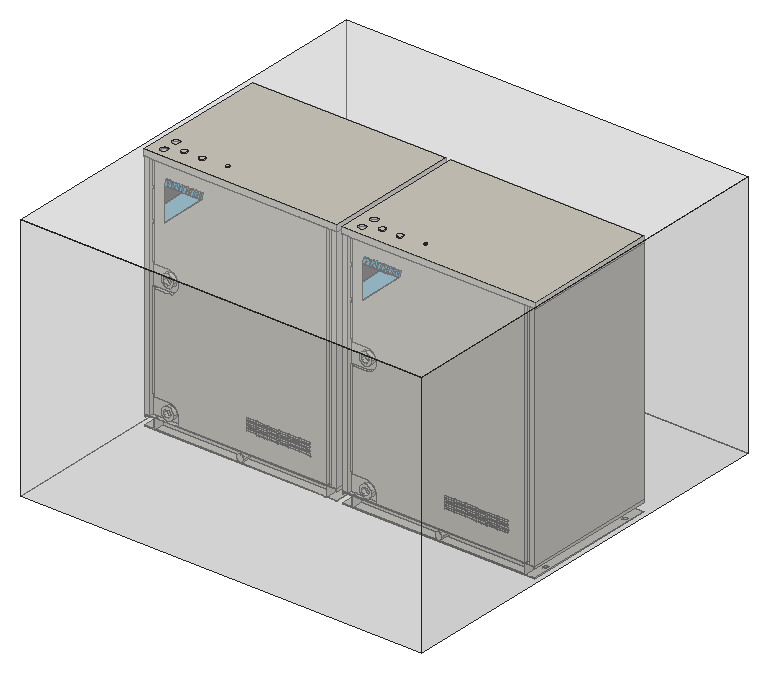
Revit family "outputfile", category 機械設備, Revit 2024
Family settings
  丸型コネクタ寸法 = 半径を使用
  種別 = なし
  パーツ タイプ = 標準
  OmniClass 番号 = 23.75.10.24.21.27.27
  OmniClass タイトル = Split System Air Conditioning Units
  作業面ベース = いいえ
  常に垂直 = はい
  ロード時にボイドで切り取り = いいえ
  注釈の向きを維持 = いいえ
  共有 = いいえ
  部屋計算ポイント = いいえ
Parameters (values of type "RWEYQ22TYM")
  製造元 = "Daikin"
  書き出し IFC クラス(タイプ) = "IfcUnitaryEquipmentType"
  定義済み IFC タイプ(タイプ) = "AIRCONDITIONINGUNIT"
  モデル = "RWEYQ22TYM"
  w_unit2 = 780.0 mm
  w_unit1 = 780.0 mm
  switch_unit2_6-8 [instance] = if(Reverse_ModuleSequence, if(default_unit1 = 1, 1 = 1, 1 = 0), if(default_unit2 = 1, 1 = 1, 1 = 0))  # no
  switch_unit2_12 [instance] = if(Reverse_ModuleSequence, if(default_unit1 = 3, 1 = 1, 1 = 0), if(default_unit2 = 3, 1 = 1, 1 = 0))  # no
  switch_unit2_10 [instance] = if(Reverse_ModuleSequence, if(default_unit1 = 2, 1 = 1, 1 = 0), if(default_unit2 = 2, 1 = 1, 1 = 0))  # yes
  switch_unit1_6-8 [instance] = if(Reverse_ModuleSequence, if(default_unit2 = 1, 1 = 1, 1 = 0), if(default_unit1 = 1, 1 = 1, 1 = 0))  # no
  switch_unit1_12 [instance] = if(Reverse_ModuleSequence, if(default_unit2 = 3, 1 = 1, 1 = 0), if(default_unit1 = 3, 1 = 1, 1 = 0))  # yes
  switch_unit1_10 [instance] = if(Reverse_ModuleSequence, if(default_unit2 = 2, 1 = 1, 1 = 0), if(default_unit1 = 2, 1 = 1, 1 = 0))  # no
  r_Water Outlet Pipe Connection_unit2 [instance] = Water Outlet Pipe Connection_Unit2 / 2  # 15.9 mm
  r_Water Outlet Pipe Connection_unit1 [instance] = Water Outlet Pipe Connection_Unit1 / 2  # 15.9 mm
  r_Water Inlet Pipe Connection_unit2 [instance] = Water Inlet Pipe Connection_Unit2 / 2  # 15.9 mm
  r_Water Inlet Pipe Connection_unit1 [instance] = Water Inlet Pipe Connection_Unit1 / 2  # 15.9 mm
  r_Liquid Pipe Size_unit2 [instance] = Liquid Pipe Size_Unit 2 / 2  # 4.75 mm
  r_HP/LP Gas Pipe Size_unit2 [instance] = [HP/LP Gas Pipe Size_Unit 2] / 2  # 11.1 mm
  r_HP/LP Gas Pipe Size_unit1 [instance] = [HP/LP Gas Pipe Size_Unit 1] / 2  # 11.1 mm
  r_Gas Pipe Size_unit2 [instance] = Gas Pipe Size_Unit 2 / 2  # 11.1 mm
  r_Drain Pipe Size = Drain Pipe Size / 2  # 6.35 mm
  lw_powersupply2 = 51.0 mm
  lw_liquidpipe2 = 274.0 mm
  lw_gaspipe2 [instance] = if(Heat Pump, 107.0 mm, 178.0 mm)  # 107.0 mm
  lw_Water Outlet2 = 95.0 mm
  lw_Water Outlet1 = 95.0 mm
  lw_Water Inlet2 = 95.0 mm
  lw_Water Inlet1 = 95.0 mm
  lw_HP/LP Gas Pipe2 [instance] = if(Heat Pump, 178.0 mm, 107.0 mm)  # 178.0 mm
  lw_HP/LP Gas Pipe1 [instance] = if(Heat Pump, 178.0 mm, 107.0 mm)  # 178.0 mm
  lw_Drain2 = 390.0 mm
  lw_Drain1 = 390.0 mm
  ld_HP/LP Gas Pipe = 69.0 mm
  h_mountinghole = [h_***] + 2.3 mm  # 2.3 mm
  r_Liquid Pipe Size_unit1 [instance] = Liquid Pipe Size_Unit 1 / 2  # 6.35 mm
  r_Gas Pipe Size_unit1 [instance] = Gas Pipe Size_Unit 1 / 2  # 11.1 mm
  distance_unit1-2 [instance] = 20.0 mm
  default_unit2 = 2
  default_unit1 = 3
  default_Water Outlet Pipe Connection_Unit 2 = 31.8 mm
  default_Water Outlet Pipe Connection_Unit 1 = 31.8 mm
  default_Water Inlet Pipe Connection_Unit 2 = 31.8 mm
  default_Water Inlet Pipe Connection_Unit 1 = 31.8 mm
  default_Model_Unit 2 = "RWEYQ10TYM"
  default_Model_Unit 1 = "RWEYQ12TYM"
  default_Liquid Pipe Size_Unit 2 = 9.5 mm
  default_Liquid Pipe Size_Unit 1 = 12.7 mm
  default_HP/LP Gas Pipe Size_Unit 2 [instance] = if(and(Heat Pump, [switch_unit2_6-8]), 19.1 mm, if(and(Heat Pump, switch_unit2_10), 22.2 mm, if(and(Heat Pump, switch_unit2_12), 22.2 mm, if(and(Heat Recovery, [switch_unit2_6-8]), 15.9 mm, if(and(Heat Recovery, switch_unit2_10), 19.1 mm, if(and(Heat Recovery, switch_unit2_12), 19.1 mm, 19.1 mm))))))  # 22.2 mm
  default_HP/LP Gas Pipe Size_Unit 1 [instance] = if(and(Heat Pump, [switch_unit1_6-8]), 19.1 mm, if(and(Heat Pump, switch_unit1_10), 22.2 mm, if(and(Heat Pump, switch_unit1_12), 22.2 mm, if(and(Heat Recovery, [switch_unit1_6-8]), 15.9 mm, if(and(Heat Recovery, switch_unit1_10), 19.1 mm, if(and(Heat Recovery, switch_unit1_12), 19.1 mm, 19.1 mm))))))  # 22.2 mm
  default_Gas Pipe Size_Unit 2 = 22.2 mm
  default_Gas Pipe Size_Unit 1 = 22.2 mm
  angle_Drain [instance] = if(Rear Connection_Drain, 180.00°, 0.00°)  # 0.00°
  Water Outlet Pipe Connection_Unit2 [instance] = if(Reverse_ModuleSequence, default_Water Inlet Pipe Connection_Unit 1, default_Water Inlet Pipe Connection_Unit 2)  # 31.8 mm
  Water Outlet Pipe Connection_Unit1 [instance] = if(Reverse_ModuleSequence, default_Water Outlet Pipe Connection_Unit 2, default_Water Outlet Pipe Connection_Unit 1)  # 31.8 mm
  Water Inlet Pipe Connection_Unit2 [instance] = if(Reverse_ModuleSequence, default_Water Outlet Pipe Connection_Unit 1, default_Water Outlet Pipe Connection_Unit 2)  # 31.8 mm
  Water Inlet Pipe Connection_Unit1 [instance] = if(Reverse_ModuleSequence, default_Water Inlet Pipe Connection_Unit 2, default_Water Inlet Pipe Connection_Unit 1)  # 31.8 mm
  Voltage_comment_60Hz = "380"
  Voltage_comment_50Hz = "380-415"
  Voltage_60Hz = 380 V
  Voltage_50Hz = 400 V
  Top Connection_powersupply2 [instance] = not(Top Connection_powersupply1)  # no
  Sound Power Level (dB) = 75
  Reverse_ModuleSequence [instance] = no
  Rear Connection_Drain [instance] = not(Front Connection_Drain)  # no
  Power Input (Heating) = 13.500 kW
  Phase_60Hz = 3
  Phase_50Hz = 3
  Nominal Heating Capacity = 69.000 kW
  Model_Unit 2 [instance] = if(Reverse_ModuleSequence, default_Model_Unit 1, default_Model_Unit 2)  # "RWEYQ10TYM"
  Model_Unit 1 [instance] = if(Reverse_ModuleSequence, default_Model_Unit 2, default_Model_Unit 1)  # "RWEYQ12TYM"
  Minimum Circuit Amps_60Hz = 27.3 A
  Minimum Circuit Amps_50Hz = 27.3 A
  Maximum Fuse Amps_60Hz = 35.0 A
  Maximum Fuse Amps_50Hz = 35.0 A
  Material_Heat Exchanger = DAIKIN_Blue_HE_outdoorunit
  Material_Casing = DAIKIN_IvoryWhite_Casing_outdoorunit
  lw_powersupply1 = 51.0 mm
  lw_liquidpipe1 = 274.0 mm
  lw_gaspipe1 [instance] = if(Heat Pump, 107.0 mm, 178.0 mm)  # 107.0 mm
  lh_powersupply = 940.0 mm
  ld_powersupply [instance] = if(Top Connection_powersupply1, 38.0 mm, 98.0 mm)  # 38.0 mm
  ld_liquidpipe = 79.0 mm
  ld_gaspipe = 69.0 mm
  h_*** = 0.0 mm
  Width [instance] = [distance_unit1-2] + w_unit1 + w_unit2  # 1580.0 mm
  Version = "ver.1.0"
  Unit Type = ""
  Unit Mass Weight = 294.00 kg
  Unit Designation [instance] = ""
  Uniclass2015Version = "Products v1.30"
  Uniclass2015Title = "Variable refrigerant flow units"
  Uniclass2015Code = "Pr_70_65_03_94"
  Total Cooling Capacity [instance] = 0.000 kW
  Sound Pressure Level (dBA) = 55
  Series = "VRV Heat Recovery"
  Refrigerant_Base Charge = 8.400 kg
  Refrigerant_Additional Charge [instance] = 0.000 kg
  Refrigerant Type = "R410A"
  Power Input (Cooling) = 12.800 kW
  Option Accessory 3 [instance] = ""
  Option Accessory 2 [instance] = ""
  Option Accessory 1 [instance] = ""
  Nominal Cooling Capacity = 61.500 kW
  Load Classification = HVAC
  Liquid Pipe Size_Unit 2 [instance] = if(Reverse_ModuleSequence, default_Liquid Pipe Size_Unit 1, default_Liquid Pipe Size_Unit 2)  # 9.5 mm
  Liquid Pipe Size_Unit 1 [instance] = if(Reverse_ModuleSequence, default_Liquid Pipe Size_Unit 2, default_Liquid Pipe Size_Unit 1)  # 12.7 mm
  Link_Nested Family [instance] = ""
  IfcVersion = ""
  IfcExportType = "AIRCONDITIONINGUNIT"
  IfcExportAs = "IfcUnitaryEquipmentType"
  Height = 1000.0 mm
  Heat Recovery [instance] = not(Heat Pump)  # no
  Heat Pump [instance] = yes
  Heat Exchanger Type = "Stainless Steel Plate"
  HP/LP Gas Pipe Size_Unit 2 [instance] = [default_HP/LP Gas Pipe Size_Unit 2]  # 22.2 mm
  HP/LP Gas Pipe Size_Unit 1 [instance] = [default_HP/LP Gas Pipe Size_Unit 1]  # 22.2 mm
  Gas Pipe Size_Unit 2 [instance] = if(Reverse_ModuleSequence, default_Gas Pipe Size_Unit 1, default_Gas Pipe Size_Unit 2)  # 22.2 mm
  Gas Pipe Size_Unit 1 [instance] = if(Reverse_ModuleSequence, default_Gas Pipe Size_Unit 2, default_Gas Pipe Size_Unit 1)  # 22.2 mm
  Top Connection_powersupply1 [instance] = yes
  Front Connection_Drain [instance] = yes
  Frequency_60Hz = 60 Hz
  Frequency_50Hz = 50 Hz
  Drain Pipe Size = 12.7 mm
  Depth = 550.0 mm
  既定の高さ = 0.0 mm
  Cooling Ambient Wet Bulb Temperature [instance] = 0.00 °C
  Cooling Ambient Dry Bulb Temperature [instance] = 0.00 °C
  Compressor Type = "Hermetically Sealed Scroll Type"
  Clearance visibility [instance] = yes
  Clearance Top = 0.0 mm
  Clearance Right = 20.0 mm
  Clearance Rear = 500.0 mm
  Clearance Left = 20.0 mm
  Clearance Front = 600.0 mm
  Clearance Bottom = 0.0 mm
  CU Tag No. [instance] = ""
Reference planes
  plane 1 "Center (Front/Back)": y = 0
  plane 2 "h_***": z = 0
  plane 3 "Center (Left/Right)": x = 0
  plane 4 "Back": y = 275
  plane 5 "Front": y = -275
  plane 6 "Left": x = -390
  plane 7 "w_unit1": x = 390
  plane 8 "Top": z = 1000
  plane 9 "Clearance Rear": y = 775
  plane 10 "Clearance Front": y = -875
  plane 11 "Clearance Left": x = -410
  plane 12 "Clearance Right": x = 1210
  plane 13 "Clearance Top": z = 1000
  plane 14 "Clearance Bottom": z = 0
  plane 15 "Bottom": z = 0
  plane 16 "lw_powersupply1": x = -339
  plane 17 "ld_powersupply": y = -237
  plane 18 "lw_liquidpipe1": x = -116
  plane 19 "Rear Connection_refrigetant": y = -196
  plane 20 "lw_gaspipe1": x = -283
  plane 21 "ld_gaspipe": y = -206
  plane 22 "lh_logo": z = 900
  plane 23 "lw_logo": x = 100
  plane 24 "lh_powersupply": z = 940
  plane 25 "lw_HP/LP Gas Pipe1": x = -212
  plane 26 "ld_HP/LP Gas Pipe": y = -206
  plane 27 "l_unit2": x = 410
  plane 28 "Right": x = 1190
  plane 29 "lw_powersupply2": x = 461
  plane 30 "lw_liquidpipe2": x = 684
  plane 31 "lw_gaspipe2": x = 517
  plane 32 "lw_HP/LP Gas Pipe2": x = 588
  plane 33 "lw_Water Inlet1": x = -295
  plane 34 "lw_Water Outlet1": x = -295
  plane 35 "lw_Drain1": x = 0
  plane 36 "lw_Water Inlet2": x = 505
  plane 37 "lw_Water Outlet2": x = 505
  plane 38 "lw_Drain2": x = 800
Dimensions and locks
  equal spacing: plane 4 "Back", plane 1 "Center (Front/Back)", plane 5 "Front"
  "Depth": plane 4 "Back" to plane 5 "Front"
  equal spacing: plane 6 "Left", plane 3 "Center (Left/Right)", plane 7 "w_unit1"
  "w_unit1": plane 6 "Left" to plane 7 "w_unit1"
  "Clearance Rear": plane 9 "Clearance Rear" to plane 4 "Back"
  "Clearance Front": plane 10 "Clearance Front" to plane 5 "Front"
  "Clearance Left": plane 11 "Clearance Left" to plane 6 "Left"
  "Clearance Top": plane 13 "Clearance Top" to plane 8 "Top"
  "h_***": plane 15 "Bottom" to plane 2 "h_***"
  "Height": plane 8 "Top" to plane 15 "Bottom"
  "Clearance Bottom": plane 15 "Bottom" to plane 14 "Clearance Bottom"
  "ld_powersupply": plane 17 "ld_powersupply" to plane 5 "Front"
  "ld_liquidpipe": plane 19 "Rear Connection_refrigetant" to plane 5 "Front"
  "ld_gaspipe": plane 21 "ld_gaspipe" to plane 5 "Front"
  locked: plane 23 "lw_logo" to plane 7 "w_unit1" at 290
  locked: plane 22 "lh_logo" to plane 15 "Bottom" at 900
  "lw_gaspipe1": plane 6 "Left" to plane 20 "lw_gaspipe1"
  "lw_liquidpipe1": plane 6 "Left" to plane 18 "lw_liquidpipe1"
  "lw_powersupply1": plane 6 "Left" to plane 16 "lw_powersupply1"
  "lh_powersupply": plane 24 "lh_powersupply" to plane 15 "Bottom"
  "lw_HP/LP Gas Pipe1": plane 6 "Left" to plane 25 "lw_HP/LP Gas Pipe1"
  "ld_HP/LP Gas Pipe": plane 26 "ld_HP/LP Gas Pipe" to plane 5 "Front"
  "distance_unit1-2": plane 7 "w_unit1" to plane 27 "l_unit2"
  "Clearance Right": plane 28 "Right" to plane 12 "Clearance Right"
  "Width": plane 6 "Left" to plane 28 "Right"
  "lw_powersupply2": plane 27 "l_unit2" to plane 29 "lw_powersupply2"
  "lw_HP/LP Gas Pipe2": plane 27 "l_unit2" to plane 32 "lw_HP/LP Gas Pipe2"
  "lw_gaspipe2": plane 27 "l_unit2" to plane 31 "lw_gaspipe2"
  "lw_liquidpipe2": plane 27 "l_unit2" to plane 30 "lw_liquidpipe2"
  "lw_Water Inlet1": plane 6 "Left" to plane 33 "lw_Water Inlet1"
  "lw_Water Outlet1": plane 6 "Left" to plane 34 "lw_Water Outlet1"
  "lw_Drain1": plane 6 "Left" to plane 35 "lw_Drain1"
  "lw_Water Inlet2": plane 27 "l_unit2" to plane 36 "lw_Water Inlet2"
  "lw_Water Outlet2": plane 27 "l_unit2" to plane 37 "lw_Water Outlet2"
  "lw_Drain2": plane 27 "l_unit2" to plane 38 "lw_Drain2"
  aligned and locked: level to plane 2 "h_***"
  aligned and locked: plane 9 "Clearance Rear" to nested 2
  aligned and locked: nested 2 to plane 10 "Clearance Front"
  aligned and locked: plane 11 "Clearance Left" to nested 2
  aligned and locked: plane 12 "Clearance Right" to nested 2
  aligned and locked: plane 13 "Clearance Top" to nested 2
  aligned and locked: plane 14 "Clearance Bottom" to nested 2
  aligned and locked: plane 8 "Top" to nested 1
  aligned and locked: plane 22 "lh_logo" to nested 7
  aligned and locked: nested 8 to plane 16 "lw_powersupply1"
  aligned and locked: nested 9 to plane 20 "lw_gaspipe1"
  aligned and locked: nested 10 to plane 18 "lw_liquidpipe1"
  aligned and locked: nested 10 to plane 19 "Rear Connection_refrigetant"
  aligned and locked: nested 9 to plane 21 "ld_gaspipe"
  aligned and locked: nested 8 to plane 17 "ld_powersupply"
  aligned and locked: plane 5 "Front" to nested 7
  aligned and locked: plane 24 "lh_powersupply" to nested 8
  aligned and locked: plane 27 "l_unit2" to nested 11
  aligned and locked: nested 17 to plane 29 "lw_powersupply2"
  aligned and locked: nested 17 to plane 17 "ld_powersupply"
  aligned and locked: nested 18 to plane 31 "lw_gaspipe2"
  aligned and locked: nested 18 to plane 26 "ld_HP/LP Gas Pipe"
  aligned and locked: plane 1 "Center (Front/Back)" to nested 20
  aligned and locked: plane 33 "lw_Water Inlet1" to nested 20
  aligned and locked: plane 1 "Center (Front/Back)" to nested 21
  aligned and locked: plane 34 "lw_Water Outlet1" to nested 21
  aligned and locked: plane 1 "Center (Front/Back)" to nested 22
  aligned and locked: plane 35 "lw_Drain1" to nested 22
  aligned and locked: plane 1 "Center (Front/Back)" to nested 23
  aligned and locked: plane 36 "lw_Water Inlet2" to nested 23
  aligned and locked: plane 1 "Center (Front/Back)" to nested 24
  aligned and locked: plane 37 "lw_Water Outlet2" to nested 24
  aligned and locked: plane 1 "Center (Front/Back)" to nested 25
  aligned and locked: plane 38 "lw_Drain2" to nested 25
  aligned and locked: plane 25 "lw_HP/LP Gas Pipe1" to nested 26
  aligned and locked: plane 32 "lw_HP/LP Gas Pipe2" to nested 27
  aligned and locked: nested 26 to plane 26 "ld_HP/LP Gas Pipe"
  aligned and locked: nested 27 to plane 26 "ld_HP/LP Gas Pipe"
Nested families
  nested 1: "DAIKIN_outdoorunit_RWEYQ-TYM" at (-31, 0, 0), h_*** <- "h_***", Link_Nest <- "Link_Nested Family", h_mountinghole <- "h_mountinghole", Width <- "w_unit1", switch_unit1_6-8 <- "switch_unit1_6-8", switch_unit1_10 <- "switch_unit1_10", switch_unit1_12 <- "switch_unit1_12", type "RWEYQ-TYM"
    with switch_unit1_6-8 no, switch_unit1_12 yes, switch_unit1_10 no, show_fixedhole yes, h_mountinghole 2.3 mm, h_antenna_mountinghole 998.7 mm, h_*** 0.0 mm, array_bolt 5, Width 780.0 mm, Liquid Pipe Size_Unit 1 12.7 mm, Link_Nest "", HP/LP Pipe Size_Unit 1 22.2 mm, Gas Pipe Size_Unit 1 22.2 mm
  nested 2: "daikin_clearancespace" at (400, -50, 500.119), visible <- "Clearance visibility", show <- "Clearance visibility", Link_Nested Family <- "Link_Nested Family", type "daikin_clearancespace"
    with width 1620.0 mm, show yes, height 1000.0 mm, depth 1650.0 mm, Link_Nested Family ""
  nested 3: "daikin_mountinghole" at (-372, 200, 0), type "daikin_mountinghole"
    with show yes, l_antenna 998.7 mm, h_mountinghole 2.3 mm, Link_Nested Family ""
  nested 4: "daikin_mountinghole" at (372, 200, 0), type "daikin_mountinghole"
    with show yes, l_antenna 998.7 mm, h_mountinghole 2.3 mm, Link_Nested Family ""
  nested 5: "daikin_mountinghole" at (-372, -200, 0), type "daikin_mountinghole"
    with show yes, l_antenna 998.7 mm, h_mountinghole 2.3 mm, Link_Nested Family ""
  nested 6: "daikin_mountinghole" at (372, -200, 0), type "daikin_mountinghole"
    with show yes, l_antenna 998.7 mm, h_mountinghole 2.3 mm, Link_Nested Family ""
  nested 7: "daikin_logo_elevation_w150" at (-212.5, -275, 744.568), type "daikin_logo_elevation_w150"
    with show_logo yes
  nested 8: "daikin_connector_rotate3" at (-339, -237, 940) x (-1, 0, 0) z (0, 0, -1), type "daikin_connector_rotate3"
    with show no, radius 10.0 mm, length 60.0 mm, angle_vertical 0.00°, angle_horizontal 0.00°
  nested 9: "daikin_connector_rotate3" at (-283, -206, 940) x (-1, 0, 0) z (0, 0, -1), radius <- "r_Gas Pipe Size_unit1", type "daikin_connector_rotate3"
    with show no, radius 11.1 mm, length 60.0 mm, angle_vertical 0.00°, angle_horizontal 0.00°
  nested 10: "daikin_connector_rotate3" at (-116, -196, 940) x (-1, 0, 0) z (0, 0, -1), radius <- "r_Liquid Pipe Size_unit1", type "daikin_connector_rotate3"
    with show no, radius 6.35 mm, length 60.0 mm, angle_vertical 0.00°, angle_horizontal 0.00°
  nested 11: "DAIKIN_outdoorunit_RWEYQ-TYM" at (769, 0, 0), Width <- "w_unit2", switch_unit1_6-8 <- "switch_unit2_6-8", switch_unit1_10 <- "switch_unit2_10", switch_unit1_12 <- "switch_unit2_12", type "RWEYQ-TYM"
    with switch_unit1_6-8 no, switch_unit1_12 no, switch_unit1_10 yes, show_fixedhole yes, h_mountinghole 2.3 mm, h_antenna_mountinghole 998.7 mm, h_*** 0.0 mm, array_bolt 5, Width 780.0 mm, Liquid Pipe Size_Unit 1 9.5 mm, Link_Nest "", HP/LP Pipe Size_Unit 1 22.2 mm, Gas Pipe Size_Unit 1 22.2 mm
  nested 12: "daikin_mountinghole" at (428, 200, 0), type "daikin_mountinghole"
    with show yes, l_antenna 998.7 mm, h_mountinghole 2.3 mm, Link_Nested Family ""
  nested 13: "daikin_mountinghole" at (1172, 200, 0), type "daikin_mountinghole"
    with show yes, l_antenna 998.7 mm, h_mountinghole 2.3 mm, Link_Nested Family ""
  nested 14: "daikin_mountinghole" at (428, -200, 0), type "daikin_mountinghole"
    with show yes, l_antenna 998.7 mm, h_mountinghole 2.3 mm, Link_Nested Family ""
  nested 15: "daikin_mountinghole" at (1172, -200, 0), type "daikin_mountinghole"
    with show yes, l_antenna 998.7 mm, h_mountinghole 2.3 mm, Link_Nested Family ""
  nested 16: "daikin_connector_rotate3" at (684, -196, 940) x (-1, 0, 0) z (0, 0, -1), radius <- "r_Liquid Pipe Size_unit2", type "daikin_connector_rotate3"
    with show no, radius 4.75 mm, length 60.0 mm, angle_vertical 0.00°, angle_horizontal 0.00°
  nested 17: "daikin_connector_rotate3" at (461, -237, 940) x (-1, 0, 0) z (0, 0, -1), type "daikin_connector_rotate3"
    with show no, radius 10.0 mm, length 60.0 mm, angle_vertical 0.00°, angle_horizontal 0.00°
  nested 18: "daikin_connector_rotate3" at (517, -206, 940) x (-1, 0, 0) z (0, 0, -1), radius <- "r_Gas Pipe Size_unit2", type "daikin_connector_rotate3"
    with show no, radius 11.1 mm, length 60.0 mm, angle_vertical 0.00°, angle_horizontal 0.00°
  nested 19: "daikin_logo_elevation_w150" at (587.5, -275, 744.568), type "daikin_logo_elevation_w150"
    with show_logo yes
  nested 20: "daikin_connector_rotate3" at (-295, 0, 76), radius <- "r_Water Inlet Pipe Connection_unit1", type "daikin_connector_rotate3"
    with show no, radius 15.9 mm, length 275.0 mm, angle_vertical 90.00°, angle_horizontal 0.00°
  nested 21: "daikin_connector_rotate3" at (-295, 0, 556), radius <- "r_Water Outlet Pipe Connection_unit1", type "daikin_connector_rotate3"
    with show no, radius 15.9 mm, length 275.0 mm, angle_vertical 90.00°, angle_horizontal 0.00°
  nested 22: "daikin_connector_rotate3" at (0, 0, 19), angle_horizontal <- "angle_Drain", radius <- "r_Drain Pipe Size", type "daikin_connector_rotate3"
    with show no, radius 6.35 mm, length 275.0 mm, angle_vertical 90.00°, angle_horizontal 0.00°
  nested 23: "daikin_connector_rotate3" at (505, 0, 76), radius <- "r_Water Inlet Pipe Connection_unit2", type "daikin_connector_rotate3"
    with show no, radius 15.9 mm, length 275.0 mm, angle_vertical 90.00°, angle_horizontal 0.00°
  nested 24: "daikin_connector_rotate3" at (505, 0, 556), radius <- "r_Water Outlet Pipe Connection_unit2", type "daikin_connector_rotate3"
    with show no, radius 15.9 mm, length 275.0 mm, angle_vertical 90.00°, angle_horizontal 0.00°
  nested 25: "daikin_connector_rotate3" at (800, 0, 19), angle_horizontal <- "angle_Drain", radius <- "r_Drain Pipe Size", type "daikin_connector_rotate3"
    with show no, radius 6.35 mm, length 275.0 mm, angle_vertical 90.00°, angle_horizontal 0.00°
  nested 26: "daikin_connector_rotate3" at (-212, -206, 940) x (1, 0, 0) z (0, 0, -1), radius <- "r_HP/LP Gas Pipe Size_unit1", type "daikin_connector_rotate3"
    with show no, radius 11.1 mm, length 60.0 mm, angle_vertical 0.00°, angle_horizontal 0.00°
  nested 27: "daikin_connector_rotate3" at (588, -206, 940) x (1, 0, 0) z (0, 0, -1), radius <- "r_HP/LP Gas Pipe Size_unit2", type "daikin_connector_rotate3"
    with show no, radius 11.1 mm, length 60.0 mm, angle_vertical 0.00°, angle_horizontal 0.00°
Connectors
  piping at (-116, -196, 1000), diameter 12.7, driven by "r_Liquid Pipe Size_unit1"
    settings: on nested 10, index 12, connector inside diameter 609.6 mm, connector length 0.0 mm, flow factor 0, pipe flow 0.00 m³/h, pressure drop 0.0 Pa, fitting loss kfactor 0, connector angle 0.00°, fixture units 0, engagement length 0.0 mm, angle of deflection 0.00°, flow configuration 0, flow direction 2, fitting loss method 0, system type 29, joint type 0, gender type 0, connector reference index -1, connector utility 0, adjustable connector no, is connector primary no, connector description "Refrigerant Liquid Piping1"
  electrical at (-339, -237, 1000), driven by "Load Classification"
    settings: on nested 8, index 13, voltage 0 V, apparent load 0 VA, apparent load phase1 0 VA, apparent load phase2 0 VA, apparent load phase3 0 VA, power factor 1, load classification "HVAC", number of poles 1, system type 30, power factor state 1, is connector primary yes, connector utility no, sub classification motor no, connector description "Power Supply1"
  piping at (684, -196, 1000), diameter 9.5, driven by "r_Liquid Pipe Size_unit2"
    settings: on nested 16, index 15, connector inside diameter 609.6 mm, connector length 0.0 mm, flow factor 0, pipe flow 0.00 m³/h, pressure drop 0.0 Pa, fitting loss kfactor 0, connector angle 0.00°, fixture units 0, engagement length 0.0 mm, angle of deflection 0.00°, flow configuration 0, flow direction 2, fitting loss method 0, system type 29, joint type 0, gender type 0, connector reference index -1, connector utility 0, adjustable connector no, is connector primary no, connector description "Refrigerant Liquid Piping2"
  electrical at (461, -237, 1000), driven by "Load Classification"
    settings: on nested 17, index 17, voltage 0 V, apparent load 0 VA, apparent load phase1 0 VA, apparent load phase2 0 VA, apparent load phase3 0 VA, power factor 1, load classification "HVAC", number of poles 1, system type 30, power factor state 1, is connector primary no, connector utility no, sub classification motor no, connector description "Power Supply2"
  piping at (-295, -275, 556), diameter 31.8, driven by "r_Water Outlet Pipe Connection_unit1"
    settings: on nested 21, index 19, connector inside diameter 609.6 mm, connector length 0.0 mm, flow factor 0, pipe flow 0.00 m³/h, pressure drop 0.0 Pa, fitting loss kfactor 0, connector angle 0.00°, fixture units 0, engagement length 0.0 mm, angle of deflection 0.00°, flow configuration 1, flow direction 2, fitting loss method 0, system type 8, joint type 0, gender type 0, connector reference index -1, connector utility 0, adjustable connector no, is connector primary no, connector description "Cooling Water Outlet Piping 1"
  piping at (-295, -275, 76), diameter 31.8, driven by "r_Water Inlet Pipe Connection_unit1"
    settings: on nested 20, index 20, connector inside diameter 609.6 mm, connector length 0.0 mm, flow factor 0, pipe flow 0.00 m³/h, pressure drop 0.0 Pa, fitting loss kfactor 0, connector angle 0.00°, fixture units 0, engagement length 0.0 mm, angle of deflection 0.00°, flow configuration 1, flow direction 1, fitting loss method 0, system type 7, joint type 0, gender type 0, connector reference index -1, connector utility 0, adjustable connector no, is connector primary no, connector description "Cooling Water Inlet  Piping 1"
  piping at (0, -275, 19), diameter 12.7, driven by "r_Drain Pipe Size"
    settings: on nested 22, index 21, connector inside diameter 609.6 mm, connector length 0.0 mm, flow factor 0, pipe flow 0.00 m³/h, pressure drop 0.0 Pa, fitting loss kfactor 0, connector angle 0.00°, fixture units 0, engagement length 0.0 mm, angle of deflection 0.00°, flow configuration 1, flow direction 2, fitting loss method 4, system type 16, joint type 0, gender type 0, connector reference index -1, connector utility 0, adjustable connector no, is connector primary no, connector description "Condensate Drain Piping 1"
  piping at (505, -275, 556), diameter 31.8, driven by "r_Water Outlet Pipe Connection_unit2"
    settings: on nested 24, index 22, connector inside diameter 609.6 mm, connector length 0.0 mm, flow factor 0, pipe flow 0.00 m³/h, pressure drop 0.0 Pa, fitting loss kfactor 0, connector angle 0.00°, fixture units 0, engagement length 0.0 mm, angle of deflection 0.00°, flow configuration 1, flow direction 2, fitting loss method 0, system type 8, joint type 0, gender type 0, connector reference index -1, connector utility 0, adjustable connector no, is connector primary no, connector description "Cooling Water Outlet Piping 2"
  piping at (505, -275, 76), diameter 31.8, driven by "r_Water Inlet Pipe Connection_unit2"
    settings: on nested 23, index 23, connector inside diameter 609.6 mm, connector length 0.0 mm, flow factor 0, pipe flow 0.00 m³/h, pressure drop 0.0 Pa, fitting loss kfactor 0, connector angle 0.00°, fixture units 0, engagement length 0.0 mm, angle of deflection 0.00°, flow configuration 1, flow direction 1, fitting loss method 0, system type 7, joint type 0, gender type 0, connector reference index -1, connector utility 0, adjustable connector no, is connector primary no, connector description "Cooling Water Inlet  Piping 2"
  piping at (800, -275, 19), diameter 12.7, driven by "r_Drain Pipe Size"
    settings: on nested 25, index 24, connector inside diameter 609.6 mm, connector length 0.0 mm, flow factor 0, pipe flow 0.00 m³/h, pressure drop 0.0 Pa, fitting loss kfactor 0, connector angle 0.00°, fixture units 0, engagement length 0.0 mm, angle of deflection 0.00°, flow configuration 1, flow direction 2, fitting loss method 4, system type 16, joint type 0, gender type 0, connector reference index -1, connector utility 0, adjustable connector no, is connector primary no, connector description "Condensate Drain Piping 2"
  piping at (-212, -206, 1000), diameter 22.2, driven by "r_HP/LP Gas Pipe Size_unit1"
    settings: on nested 26, index 27, connector inside diameter 609.6 mm, connector length 0.0 mm, flow factor 0, pipe flow 0.00 m³/h, pressure drop 0.0 Pa, fitting loss kfactor 0, connector angle 0.00°, fixture units 0, engagement length 0.0 mm, angle of deflection 0.00°, flow configuration 0, flow direction 0, fitting loss method 0, system type 29, joint type 0, gender type 0, connector reference index -1, connector utility 0, adjustable connector no, is connector primary no, connector description "Refrigerant HP/LP Gas Piping1"
  piping at (588, -206, 1000), diameter 22.2, driven by "r_HP/LP Gas Pipe Size_unit2"
    settings: on nested 27, index 28, connector inside diameter 609.6 mm, connector length 0.0 mm, flow factor 0, pipe flow 0.00 m³/h, pressure drop 0.0 Pa, fitting loss kfactor 0, connector angle 0.00°, fixture units 0, engagement length 0.0 mm, angle of deflection 0.00°, flow configuration 0, flow direction 0, fitting loss method 0, system type 29, joint type 0, gender type 0, connector reference index -1, connector utility 0, adjustable connector no, is connector primary no, connector description "Refrigerant HP/LP Gas Piping2"
  piping at (-283, -206, 1000), diameter 22.2, driven by "r_Gas Pipe Size_unit1"
    settings: on nested 9, index 29, connector inside diameter 609.6 mm, connector length 0.0 mm, flow factor 0, pipe flow 0.00 m³/h, pressure drop 0.0 Pa, fitting loss kfactor 0, connector angle 0.00°, fixture units 0, engagement length 0.0 mm, angle of deflection 0.00°, flow configuration 0, flow direction 1, fitting loss method 0, system type 29, joint type 0, gender type 0, connector reference index -1, connector utility 0, adjustable connector no, is connector primary yes, connector description "Refrigerant Gas Piping1"
  piping at (517, -206, 1000), diameter 22.2, driven by "r_Gas Pipe Size_unit2"
    settings: on nested 18, index 30, connector inside diameter 609.6 mm, connector length 0.0 mm, flow factor 0, pipe flow 0.00 m³/h, pressure drop 0.0 Pa, fitting loss kfactor 0, connector angle 0.00°, fixture units 0, engagement length 0.0 mm, angle of deflection 0.00°, flow configuration 0, flow direction 1, fitting loss method 0, system type 29, joint type 0, gender type 0, connector reference index -1, connector utility 0, adjustable connector no, is connector primary no, connector description "Refrigerant Gas Piping2"
Definition of nested family "DAIKIN_outdoorunit_RWEYQ-TYM"
  Parameters (values of type "RWEYQ-TYM")
    w_wiremesh_right = 668.0 mm  # constant formula
    w_wiremesh_left = 590.0 mm  # constant formula
    w_wiremesh_front = 248.0 mm  # constant formula
    switch_unit1_6-8 [instance] = no
    switch_unit1_12 [instance] = yes
    switch_unit1_10 [instance] = no
    show_fixedhole [instance] = yes
    material_heatexchanger = none
    material_casing = none
    ld_hole1_bottom = 154.0 mm  # constant formula
    h_wiremesh = 900.0 mm  # constant formula
    h_mountinghole [instance] = 2.3 mm
    h_antenna_mountinghole [instance] = Height + 1.0 mm - 2.3 mm  # 998.7 mm
    h_*** [instance] = 0.0 mm
    array_bolt [instance] = 5
    Width [instance] = 780.0 mm
    Liquid Pipe Size_Unit 1 [instance] = if([switch_unit1_6-8], 9.5 mm, if(switch_unit1_10, 9.5 mm, if(switch_unit1_12, 12.7 mm, 9.5 mm)))  # 12.7 mm
    Link_Nest [instance] = ""
    Height = 1000.0 mm
    Heat Recovery = not(Heat Pump)  # no
    Heat Pump = yes
    HP/LP Pipe Size_Unit 1_L = if(Heat Pump, 178.0 mm, 107.0 mm)  # 178.0 mm
    HP/LP Pipe Size_Unit 1 [instance] = if(Heat Recovery, if([switch_unit1_6-8], 15.9 mm, if(switch_unit1_10, 19.1 mm, if(switch_unit1_12, 19.1 mm, 15.9 mm))), if([switch_unit1_6-8], 19.1 mm, if(switch_unit1_10, 22.2 mm, if(switch_unit1_12, 22.2 mm, 19.1 mm))))  # 22.2 mm
    Gas Pipe Size_Unit 1_L = if(Heat Pump, 107.0 mm, 178.0 mm)  # 107.0 mm
    Gas Pipe Size_Unit 1_H = 60.0 mm  # constant formula
    Gas Pipe Size_Unit 1 [instance] = if([switch_unit1_6-8], 19.1 mm, if(switch_unit1_10, 22.2 mm, if(switch_unit1_12, 22.2 mm, 19.1 mm)))  # 22.2 mm
    Depth = 550.0 mm
    Default Elevation = 0.0 mm
  Reference planes
    plane 1 "Center (Front/Back)": y = 0
    plane 2 "reference_level": z = 0
    plane 3 "Center (Left/Right)": x = 31
    plane 4 "Bottom": z = 0
    plane 5: x = 421
    plane 6: x = -359
    plane 7 "Back": y = 275
    plane 8 "Front": y = -275
    plane 9: z = 1000
    plane 10: z = 976
    plane 11: y = -255
    plane 12: y = 255
    plane 13: x = -337
    plane 14: x = 399
    plane 15: x = -341
    plane 16: z = 45
    plane 17: x = 403
    plane 18: y = 200
    plane 19: y = -200
    plane 20: z = 1060
    plane 21: z = 19
    plane 22: z = 1000
    plane 23: z = 940
  Forms (mm)
    Extrusion 1, solid, material <- "material_heatexchanger"
      sketch origin (0, 0, 0) x (1, 0, 0) y (0, 1, 0)
        loop
          line (-337, 255) -> (-337, -255) -> (399, -255) -> (399, 255) -> (-337, 255)
      from 54 to 976
    Extrusion 2, void
      sketch origin (0, 350, 0) x (1, 0, 0) y (0, 1, 0)
        loop
          circle (-341, -150) r 8.5
        loop
          circle (403, -150) r 8.5
        loop
          circle (403, -550) r 8.5
        loop
          circle (-341, -550) r 8.5
      from 0 to 29.064
    Extrusion 3, solid, material <- "material_casing"
      sketch origin (620, -305, 0) x (-1, 0, 0) y (0, 0, 1)
        loop
          line (204.3, 35.061) -> (204.3, 42.7) -> (239.7, 42.7) -> (239.7, 2.3) -> (201, 2.3) -> (201, 0) -> (242, 0) -> (242, 45) -> (201, 45) -> (201, 35.061) -> (204.3, 35.061)
        loop
          line (973.7, 35.061) -> (977, 35.061) -> (977, 45) -> (936, 45) -> (936, 0) -> (977, 0) -> (977, 2.3) -> (938.3, 2.3) -> (938.3, 42.7) -> (973.7, 42.7) -> (973.7, 35.061)
      from 30 to 580
    Extrusion 4, solid, material <- "material_casing"
      sketch origin (31, 0, 0) x (0, 1, 0) y (0, 0, 1)
        loop
          line (-275, 45) -> (-275, 42.7) -> (-236.3, 42.7) -> (-236.3, 2.3) -> (-275, 2.3) -> (-275, 0) -> (-234, 0) -> (-234, 45) -> (-275, 45)
        loop
          line (275, 45) -> (234, 45) -> (234, 0) -> (275, 0) -> (275, 2.3) -> (236.3, 2.3) -> (236.3, 42.7) -> (275, 42.7) -> (275, 45)
      from -347 to 347
    Extrusion 5, solid, material <- "material_casing"
      sketch origin (0, 0, 0) x (1, 0, 0) y (0, 1, 0)
        loop
          circle (-85, -196) r 6.35
        loop
          circle (-181, -206) r 11.1
      from 940 to 1000
    Extrusion 6, solid, material <- "material_casing"
      sketch origin (-663.497, -190, 1200) x (-1, 0, 0) y (0, 0, 1)
        loop
          circle (-694.497, -1181) r 14
      from -85 to -46.3
    Extrusion 7, solid, material <- "material_casing"
      sketch origin (-663.497, 321.3, 1200) x (-1, 0, 0) y (0, 0, 1)
        loop
          circle (-694.497, -1181) r 14
      from -85 to -46.3
    Extrusion 8, solid, material <- "material_casing"
      sketch origin (0, -500, 0) x (1, 0, 0) y (0, 1, 0)
        loop
          circle (-252, 294) r 11.1
      from 940 to 1000
  Cuts and joins
    Extrusion 2 cuts Extrusion 3
  Dimensions and locks
    equal spacing: plane 6, plane 3 "Center (Left/Right)", plane 5
    "Width": plane 6 to plane 5
    locked: plane 9 to plane 10 at 24
    "Depth": plane 8 "Front" to plane 7 "Back"
    equal spacing: plane 7 "Back", plane 1 "Center (Front/Back)", plane 8 "Front"
    locked: plane 12 to plane 7 "Back" at 20
    locked: plane 11 to plane 8 "Front" at 20
    locked: plane 6 to plane 13 at 22
    locked: plane 14 to plane 5 at 22
    locked: plane 6 to plane 15 at 18
    "h_***": plane 4 "Bottom" to plane 2 "reference_level"
    locked: plane 16 to plane 4 "Bottom" at 45
    "Height": plane 9 to plane 4 "Bottom"
    locked: plane 5 to Extrusion 3 sketch curve at 2  (x2)
    locked: Extrusion 3 sketch curve to Extrusion 3 sketch curve at 41  (x2)
    locked: Extrusion 3 sketch curve to Extrusion 3 sketch curve at 3.3  (x2)
    locked: Extrusion 3 sketch curve to plane 6 at 2  (x2)
    locked: plane 8 "Front" to Extrusion 4 sketch curve at 41
    locked: Extrusion 4 sketch curve to plane 7 "Back" at 41
    locked: plane 17 to plane 5 at 18
    plane 19 to plane 8 "Front" = 75.0 mm
    locked: plane 18 to plane 7 "Back" at 75
    locked: Extrusion 5 sketch curve to plane 8 "Front" at 79
    locked: plane 6 to Extrusion 5 sketch curve at 274
    "HP/LP Pipe Size_Unit 1_L": plane 6 to Extrusion 5 sketch curve
    locked: Extrusion 5 sketch curve to plane 8 "Front" at 69
    locked: plane 20 to plane 9 at 60
    plane 21 to plane 4 "Bottom" = 19.0 mm
    "Gas Pipe Size_Unit 1_L": plane 6 to Extrusion 8 sketch curve
    locked: Extrusion 8 sketch curve to plane 8 "Front" at 69
    "Gas Pipe Size_Unit 1_H": plane 20 to plane 22
    locked: plane 22 to plane 23 at 60
    "HP/LP Pipe Size_Unit 1": diameter of Extrusion 5 sketch curve
    "Liquid Pipe Size_Unit 1": diameter of Extrusion 5 sketch curve
    "Gas Pipe Size_Unit 1": diameter of Extrusion 8 sketch curve
    aligned and locked: level to plane 2 "reference_level"
    aligned and locked: plane 12 to Extrusion 1 sketch curve
    aligned and locked: plane 11 to Extrusion 1 sketch curve
    aligned and locked: plane 13 to Extrusion 1 sketch curve
    aligned and locked: plane 14 to Extrusion 1 sketch curve
    aligned and locked: plane 10 to Extrusion 1
    aligned and locked: plane 11 to nested 1
    aligned and locked: plane 10 to nested 4
    aligned and locked: nested 5 to plane 9
    aligned and locked: plane 10 to nested 3
    aligned and locked: plane 10 to nested 2
    aligned and locked: plane 13 to nested 4
    aligned and locked: plane 14 to nested 2
    aligned and locked: plane 12 to nested 3
    aligned and locked: plane 15 to nested 7
    aligned and locked: plane 15 to nested 9
    aligned and locked: plane 8 "Front" to nested 5
    aligned and locked: plane 6 to nested 5
    aligned and locked: plane 10 to nested 1
    aligned and locked: plane 13 to nested 1
    aligned and locked: nested 2 to plane 1 "Center (Front/Back)"
    aligned and locked: nested 3 to plane 3 "Center (Left/Right)"
    aligned and locked: plane 1 "Center (Front/Back)" to nested 4
    aligned and locked: nested 6 to plane 3 "Center (Left/Right)"
    aligned and locked: plane 1 "Center (Front/Back)" to nested 6
    aligned and locked: plane 16 to Extrusion 3 sketch curve
    aligned and locked: Extrusion 3 sketch curve to plane 4 "Bottom"
    aligned and locked: Extrusion 3 sketch curve to plane 16
    aligned and locked: plane 4 "Bottom" to Extrusion 3 sketch curve
    aligned and locked: Extrusion 3 to plane 7 "Back"
    aligned and locked: Extrusion 3 to plane 8 "Front"
    aligned and locked: plane 8 "Front" to Extrusion 4 sketch curve  (x2)
    aligned and locked: plane 4 "Bottom" to Extrusion 4 sketch curve
    aligned and locked: Extrusion 4 sketch curve to plane 16
    aligned and locked: Extrusion 4 sketch curve to plane 7 "Back"  (x2)
    aligned and locked: plane 18 to Extrusion 2 sketch curve  (x2)
    aligned and locked: plane 15 to Extrusion 2 sketch curve  (x2)
    aligned and locked: plane 17 to Extrusion 2 sketch curve  (x2)
    aligned and locked: plane 17 to nested 8
    aligned and locked: plane 18 to nested 8
    aligned and locked: plane 18 to nested 7
    aligned and locked: nested 7 to plane 15
    aligned and locked: nested 9 to plane 19
    aligned and locked: nested 9 to plane 15
    aligned and locked: nested 10 to plane 19
    aligned and locked: plane 17 to nested 10
    aligned and locked: plane 19 to Extrusion 2 sketch curve  (x2)
    aligned and locked: plane 3 "Center (Left/Right)" to Extrusion 6 sketch curve
    aligned and locked: plane 21 to Extrusion 6 sketch curve
    aligned and locked: plane 22 to Extrusion 8
    aligned and locked: Extrusion 8 to plane 23
    aligned and locked: Extrusion 5 to plane 23
    aligned and locked: Extrusion 5 to plane 22
  Automatic sketch dimensions
    Extrusion 3 sketch curve to Extrusion 3 sketch curve = 2.3 mm  (x2)
    level to Extrusion 3 sketch curve = 2.3 mm  (x2)
    Extrusion 3 sketch curve to plane 16 = 9.939 mm  (x2)
    Extrusion 3 sketch curve to plane 16 = 2.3 mm  (x2)
    Extrusion 4 sketch curve to level = 0.0 mm
    Extrusion 4 sketch curve to plane 16 = 0.0 mm
    Extrusion 4 sketch curve to Extrusion 4 sketch curve = 2.3 mm  (x2)
    level to Extrusion 4 sketch curve = 2.3 mm  (x2)
    Extrusion 4 sketch curve to plane 16 = 2.3 mm  (x2)
    Extrusion 7 sketch curve to plane 3 "Center (Left/Right)" = 0.0 mm
    Extrusion 7 sketch curve to plane 21 = 0.0 mm
    radius of Extrusion 2 sketch curve = 8.5 mm  (x4)
    radius of Extrusion 6 sketch curve = 14.0 mm
    radius of Extrusion 7 sketch curve = 14.0 mm
  Nested families
    nested 1: "outdoorunit_frontpanel" at (-337, -265, 45), material <- "material_casing", type "frontpanel1"
      with material none
    nested 2: "outdoorunit_rightpanel1" at (409, -275, 45) x (0, 1, 0) z (0, 0, 1), material <- "material_casing", type "frontpanel1"
      with material none
    nested 3: "outdoorunit_backpanel" at (399, 265, 45) x (-1, 0, 0) z (0, 0, 1), material <- "material_casing", type "frontpanel1"
      with material none
    nested 4: "outdoorunit_leftpanel" at (-347, 275, 45) x (0, -1, 0) z (0, 0, 1), material <- "material_casing", type "frontpanel1"
      with material none
    nested 5: "outdoorunit_uppanel" at (-359, -275, 988) x (1, 0, 0) z (0, 1, 0), material <- "material_casing", type "frontpanel1"
      with material none
    nested 6: "outdoorunit_downpanel" at (399, 255, 56) x (-1, 0, 0) z (0, -1, 0), material <- "material_casing", type "frontpanel1"
      with material none
    nested 7: "daikin_mountinghole" at (-341, 200, 0), visible <- "show_fixedhole", Link_Nested Family <- "Link_Nest", l_antenna <- "h_antenna_mountinghole", h_mountinghole <- "h_mountinghole", type "daikin_mountinghole"
      with show yes, l_antenna 998.7 mm, h_mountinghole 2.3 mm, Link_Nested Family ""
    nested 8: "daikin_mountinghole" at (403, 200, 0), visible <- "show_fixedhole", Link_Nested Family <- "Link_Nest", l_antenna <- "h_antenna_mountinghole", h_mountinghole <- "h_mountinghole", type "daikin_mountinghole"
      with show yes, l_antenna 998.7 mm, h_mountinghole 2.3 mm, Link_Nested Family ""
    nested 9: "daikin_mountinghole" at (-341, -200, 0), visible <- "show_fixedhole", Link_Nested Family <- "Link_Nest", l_antenna <- "h_antenna_mountinghole", h_mountinghole <- "h_mountinghole", type "daikin_mountinghole"
      with show yes, l_antenna 998.7 mm, h_mountinghole 2.3 mm, Link_Nested Family ""
    nested 10: "daikin_mountinghole" at (403, -200, 0), visible <- "show_fixedhole", Link_Nested Family <- "Link_Nest", l_antenna <- "h_antenna_mountinghole", h_mountinghole <- "h_mountinghole", type "daikin_mountinghole"
      with show yes, l_antenna 998.7 mm, h_mountinghole 2.3 mm, Link_Nested Family ""
  Definition of nested family "outdoorunit_frontpanel"
    Parameters (values of type "frontpanel1")
      width = 736.0 mm
      material [instance] = none
      height1 = 931.0 mm
      depth = 20.0 mm
      Default Elevation = 0.0 mm
    Reference planes
      plane 1 "Center (Front/Back)": y = 0
      plane 2 "Bottom": z = 0
      plane 3: x = 0
      plane 4 "Back": y = 10
      plane 5 "Front": y = -10
      plane 6: x = 736
      plane 7 "Top": z = 931
      plane 8 "Left": x = 0
      plane 9 "Center L/S": y = 5
      plane 10 "Center L/T": y = -5
    Forms (mm)
      Extrusion 1, solid, material <- "material"
        sketch origin (0, 0, 0) x (1, 0, 0) y (0, 1, 0)
          loop
            line (0, 10) -> (0, -10) -> (736, -10) -> (736, 10) -> (0, 10)
        from 0 to 931
      Extrusion 2, void
        sketch origin (0, 0, 0) x (1, 0, 0) y (0, 0, 1)
          loop
            line (0, 931) -> (0, 0) -> (21, 0) -> (21, 931) -> (0, 931)
          loop
            line (736, 931) -> (715, 931) -> (715, 0) -> (736, 0) -> (736, 931)
        from 0 to 250
      Extrusion 3, void
        sketch origin (0, 0, 0) x (1, 0, 0) y (0, 0, 1)
          loop
            line (2, 931) -> (-33, 931) -> (-33, -14) -> (118, -14) -> (118, 31)
            arc (118, 31) -> (104.82, 62.82) -> (73, 76) r 45
            line (73, 76) -> (2, 76) -> (2, 466) -> (73, 466)
            arc (73, 466) -> (118, 511) -> (73, 556) r 45
            line (73, 556) -> (2, 556) -> (2, 692) -> (10.5, 692)
            arc (10.5, 692) -> (18, 699.5) -> (10.5, 707) r 7.5
            line (10.5, 707) -> (2, 707) -> (2, 817) -> (10.5, 817)
            arc (10.5, 817) -> (18, 824.5) -> (10.5, 832) r 7.5
            line (10.5, 832) -> (2, 832) -> (2, 931)
        from -5 to 250
      Extrusion 4, void
        sketch origin (0, 0, 0) x (1, 0, 0) y (0, 0, 1)
          loop
            line (734, 931) -> (734, 0) -> (972.161, 0) -> (972.161, 931) -> (734, 931)
        from -5 to 250
      Extrusion 5, solid, material <- "material"
        sketch origin (0, 0, 0) x (1, 0, 0) y (0, 0, 1)
          loop
            circle (73, 511) r 25
          loop
            circle (73, 511) r 15.5
          loop
            circle (73, 31) r 25
          loop
            circle (73, 31) r 15.5
        from -5 to 10
      Extrusion 6, void
        sketch origin (0, 0, 0) x (1, 0, 0) y (0, 0, 1)
          loop
            line (390.8, 131) -> (390.8, 118.75) -> (433.5, 118.75) -> (433.5, 131) -> (390.8, 131)
          loop
            line (390.8, 80) -> (433.5, 80) -> (433.5, 92.25) -> (390.8, 92.25) -> (390.8, 80)
          loop
            line (390.8, 117.75) -> (390.8, 106) -> (433.5, 106) -> (433.5, 117.75) -> (390.8, 117.75)
          loop
            line (390.8, 105) -> (390.8, 93.25) -> (433.5, 93.25) -> (433.5, 105) -> (390.8, 105)
          loop
            line (476.7, 131) -> (434.5, 131) -> (434.5, 118.75) -> (476.7, 118.75) -> (476.7, 131)
          loop
            line (434.5, 80) -> (476.7, 80) -> (476.7, 92.25) -> (434.5, 92.25) -> (434.5, 80)
          loop
            line (434.5, 117.75) -> (434.5, 106) -> (476.7, 106) -> (476.7, 117.75) -> (434.5, 117.75)
          loop
            line (434.5, 105) -> (434.5, 93.25) -> (476.7, 93.25) -> (476.7, 105) -> (434.5, 105)
          loop
            line (519.9, 131) -> (477.7, 131) -> (477.7, 118.75) -> (519.9, 118.75) -> (519.9, 131)
          loop
            line (477.7, 80) -> (519.9, 80) -> (519.9, 92.25) -> (477.7, 92.25) -> (477.7, 80)
          loop
            line (477.7, 117.75) -> (477.7, 106) -> (519.9, 106) -> (519.9, 117.75) -> (477.7, 117.75)
          loop
            line (477.7, 105) -> (477.7, 93.25) -> (519.9, 93.25) -> (519.9, 105) -> (477.7, 105)
          loop
            line (563.1, 131) -> (520.9, 131) -> (520.9, 118.75) -> (563.1, 118.75) -> (563.1, 131)
          loop
            line (520.9, 80) -> (563.1, 80) -> (563.1, 92.25) -> (520.9, 92.25) -> (520.9, 80)
          loop
            line (520.9, 117.75) -> (520.9, 106) -> (563.1, 106) -> (563.1, 117.75) -> (520.9, 117.75)
          loop
            line (520.9, 105) -> (520.9, 93.25) -> (563.1, 93.25) -> (563.1, 105) -> (520.9, 105)
          loop
            line (606.3, 131) -> (564.1, 131) -> (564.1, 118.75) -> (606.3, 118.75) -> (606.3, 131)
          loop
            line (564.1, 80) -> (606.3, 80) -> (606.3, 92.25) -> (564.1, 92.25) -> (564.1, 80)
          loop
            line (564.1, 117.75) -> (564.1, 106) -> (606.3, 106) -> (606.3, 117.75) -> (564.1, 117.75)
          loop
            line (564.1, 105) -> (564.1, 93.25) -> (606.3, 93.25) -> (606.3, 105) -> (564.1, 105)
          loop
            line (650, 131) -> (607.3, 131) -> (607.3, 118.75) -> (650, 118.75) -> (650, 131)
          loop
            line (607.3, 80) -> (650, 80) -> (650, 92.25) -> (607.3, 92.25) -> (607.3, 80)
          loop
            line (607.3, 117.75) -> (607.3, 106) -> (650, 106) -> (650, 117.75) -> (607.3, 117.75)
          loop
            line (607.3, 105) -> (607.3, 93.25) -> (650, 93.25) -> (650, 105) -> (607.3, 105)
        from 5 to 250
    Cuts and joins
      Extrusion 2, Extrusion 3, Extrusion 4, Extrusion 6 cuts Extrusion 1
    Dimensions and locks
      equal spacing: plane 4 "Back", plane 1 "Center (Front/Back)", plane 5 "Front"
      "depth": plane 4 "Back" to plane 5 "Front"
      "width": plane 8 "Left" to plane 6
      "height1": plane 7 "Top" to plane 2 "Bottom"
      locked: plane 8 "Left" to Extrusion 2 sketch curve at 21
      locked: Extrusion 2 sketch curve to plane 6 at 21
      locked: plane 9 "Center L/S" to plane 1 "Center (Front/Back)" at 5
      locked: Extrusion 3 sketch curve to Extrusion 3 sketch curve at 15  (x2)
      locked: plane 7 "Top" to Extrusion 3 sketch curve at 99
      locked: Extrusion 3 sketch curve to plane 8 "Left" at 10.5
      locked: Extrusion 3 sketch curve to Extrusion 3 sketch curve at 125
      locked: Extrusion 3 sketch curve to Extrusion 3 sketch curve at 90  (x2)
      locked: Extrusion 3 sketch curve to plane 8 "Left" at 73
      locked: Extrusion 3 sketch curve to Extrusion 3 sketch curve at 136
      locked: Extrusion 3 sketch curve to plane 2 "Bottom" at 76
      locked: Extrusion 3 sketch curve to Extrusion 3 sketch curve at 390
      locked: plane 6 to Extrusion 4 sketch curve at 2
      locked: plane 10 "Center L/T" to plane 1 "Center (Front/Back)" at 5
      aligned and locked: level to plane 2 "Bottom"
      aligned and locked: plane 8 "Left" to Extrusion 1 sketch curve
      aligned and locked: Extrusion 1 sketch curve to plane 4 "Back"
      aligned and locked: plane 5 "Front" to Extrusion 1 sketch curve
      aligned and locked: Extrusion 1 to plane 2 "Bottom"
      aligned and locked: plane 7 "Top" to Extrusion 1
      aligned and locked: plane 3 to plane 8 "Left"
      aligned and locked: plane 8 "Left" to Extrusion 2 sketch curve
      aligned and locked: Extrusion 2 sketch curve to plane 7 "Top"
      aligned and locked: plane 2 "Bottom" to Extrusion 2 sketch curve
      aligned and locked: Extrusion 2 sketch curve to plane 2 "Bottom"
      aligned and locked: plane 6 to Extrusion 2 sketch curve
      aligned and locked: plane 7 "Top" to Extrusion 2 sketch curve
      aligned and locked: Extrusion 2 to plane 1 "Center (Front/Back)"
      aligned and locked: plane 9 "Center L/S" to Extrusion 3
      aligned and locked: Extrusion 4 sketch curve to plane 7 "Top"
      aligned and locked: plane 2 "Bottom" to Extrusion 4 sketch curve
      aligned and locked: Extrusion 4 to plane 9 "Center L/S"
      aligned and locked: Extrusion 5 to plane 5 "Front"
      aligned and locked: plane 9 "Center L/S" to Extrusion 5
      aligned and locked: Extrusion 6 to plane 10 "Center L/T"
    Automatic sketch dimensions
      Extrusion 1 sketch curve to plane 6 = 0.0 mm
      Extrusion 3 sketch curve to plane 7 "Top" = 0.0 mm
      plane 3 to Extrusion 3 sketch curve = 2.0 mm  (x4)
      plane 3 to Extrusion 3 sketch curve = 10.5 mm
      Extrusion 3 sketch curve to Extrusion 3 sketch curve = 71.0 mm
      level to Extrusion 3 sketch curve = 31.0 mm
      Extrusion 3 sketch curve to plane 3 = 33.0 mm
      plane 6 to Extrusion 4 sketch curve = 236.161 mm
      Extrusion 5 sketch curve to Extrusion 5 sketch curve = 0.0 mm  (x4)
      plane 3 to Extrusion 5 sketch curve = 73.0 mm  (x2)
      level to Extrusion 5 sketch curve = 31.0 mm
      Extrusion 5 sketch curve to plane 7 "Top" = 420.0 mm
      level to Extrusion 6 sketch curve = 131.0 mm
      Extrusion 6 sketch curve to plane 6 = 345.2 mm
      Extrusion 6 sketch curve to Extrusion 6 sketch curve = 0.0 mm  (x40)
      Extrusion 6 sketch curve to Extrusion 6 sketch curve = 42.7 mm  (x2)
      Extrusion 6 sketch curve to Extrusion 6 sketch curve = 1.0 mm  (x32)
      Extrusion 6 sketch curve to Extrusion 6 sketch curve = 42.2 mm  (x4)
      Extrusion 6 sketch curve to Extrusion 6 sketch curve = 12.25 mm  (x7)
      Extrusion 6 sketch curve to Extrusion 6 sketch curve = 11.75 mm  (x9)
      radius of Extrusion 5 sketch curve = 25.0 mm  (x2)
      radius of Extrusion 5 sketch curve = 15.5 mm  (x2)
  Definition of nested family "outdoorunit_rightpanel1"
    Parameters (values of type "frontpanel1")
      width = 550.0 mm
      material [instance] = none
      height1 = 931.0 mm
      depth = 20.0 mm
      Default Elevation = 0.0 mm
    Reference planes
      plane 1 "Center (Front/Back)": y = 0
      plane 2 "Bottom": z = 0
      plane 3: x = 0
      plane 4 "Back": y = 10
      plane 5 "Front": y = -10
      plane 6: x = 550
      plane 7 "Top": z = 931
      plane 8 "Left": x = 0
      plane 9: y = -8.75
      plane 10: z = 639
      plane 11: y = -5.75
      plane 12: y = -2.551
      plane 13: y = -13
      plane 14: x = 275
    Forms (mm)
      Extrusion 1, solid, material <- "material"
        sketch origin (0, 0, 0) x (1, 0, 0) y (0, 1, 0)
          loop
            line (0, 10) -> (0, -10) -> (550, -10) -> (550, 10) -> (0, 10)
        from 0 to 931
    Dimensions and locks
      equal spacing: plane 4 "Back", plane 1 "Center (Front/Back)", plane 5 "Front"
      "depth": plane 4 "Back" to plane 5 "Front"
      "width": plane 8 "Left" to plane 6
      "height1": plane 7 "Top" to plane 2 "Bottom"
      locked: plane 10 to plane 2 "Bottom" at 639
      locked: plane 12 to plane 11 at 3.199
      plane 5 "Front" to plane 13 = 3.0 mm
      equal spacing: plane 8 "Left", plane 14, plane 6
      aligned and locked: level to plane 2 "Bottom"
      aligned and locked: plane 8 "Left" to Extrusion 1 sketch curve
      aligned and locked: Extrusion 1 sketch curve to plane 4 "Back"
      aligned and locked: plane 5 "Front" to Extrusion 1 sketch curve
      aligned and locked: Extrusion 1 to plane 2 "Bottom"
      aligned and locked: plane 7 "Top" to Extrusion 1
      aligned and locked: plane 3 to plane 8 "Left"
    Automatic sketch dimensions
      Extrusion 1 sketch curve to plane 6 = 0.0 mm
  Definition of nested family "outdoorunit_backpanel"
    Parameters (values of type "frontpanel1")
      width = 736.0 mm
      material [instance] = none
      height1 = 931.0 mm
      depth = 20.0 mm
      Default Elevation = 0.0 mm
    Reference planes
      plane 1 "Center (Front/Back)": y = 0
      plane 2 "Bottom": z = 0
      plane 3: x = 0
      plane 4 "Back": y = 10
      plane 5 "Front": y = -10
      plane 6: x = 736
      plane 7 "Top": z = 931
      plane 8 "Left": x = 0
      plane 9: z = 639
      plane 10: x = 368
    Forms (mm)
      Extrusion 1, solid, material <- "material"
        sketch origin (0, 0, 0) x (1, 0, 0) y (0, 1, 0)
          loop
            line (0, 10) -> (0, -10) -> (736, -10) -> (736, 10) -> (0, 10)
        from 0 to 931
      Extrusion 2, void
        sketch origin (0, 0, 0) x (1, 0, 0) y (0, 1, 0)
          loop
            line (0, -4) -> (0, -10) -> (21, -10) -> (21, -7) -> (2, -7) -> (2, -4) -> (0, -4)
          loop
            line (736, -4) -> (734, -4) -> (734, -7) -> (715, -7) -> (715, -10) -> (736, -10) -> (736, -4)
        from 0 to 931
    Cuts and joins
      Extrusion 2 cuts Extrusion 1
    Dimensions and locks
      equal spacing: plane 4 "Back", plane 1 "Center (Front/Back)", plane 5 "Front"
      "depth": plane 4 "Back" to plane 5 "Front"
      "width": plane 8 "Left" to plane 6
      "height1": plane 7 "Top" to plane 2 "Bottom"
      locked: plane 9 to plane 2 "Bottom" at 639
      equal spacing: plane 8 "Left", plane 10, plane 6
      aligned and locked: level to plane 2 "Bottom"
      aligned and locked: plane 8 "Left" to Extrusion 1 sketch curve
      aligned and locked: Extrusion 1 sketch curve to plane 4 "Back"
      aligned and locked: plane 5 "Front" to Extrusion 1 sketch curve
      aligned and locked: Extrusion 1 to plane 2 "Bottom"
      aligned and locked: plane 7 "Top" to Extrusion 1
      aligned and locked: plane 3 to plane 8 "Left"
    Automatic sketch dimensions
      Extrusion 1 sketch curve to plane 6 = 0.0 mm
      Extrusion 2 sketch curve to plane 3 = 0.0 mm
      Extrusion 2 sketch curve to plane 5 "Front" = 0.0 mm  (x2)
      Extrusion 2 sketch curve to plane 6 = 0.0 mm
      plane 3 to Extrusion 2 sketch curve = 2.0 mm
      Extrusion 2 sketch curve to Extrusion 2 sketch curve = 19.0 mm
      Extrusion 2 sketch curve to Extrusion 2 sketch curve = 21.0 mm
      Extrusion 2 sketch curve to plane 6 = 2.0 mm
      Extrusion 2 sketch curve to Extrusion 2 sketch curve = 3.0 mm  (x4)
  Definition of nested family "outdoorunit_leftpanel"
    Parameters (values of type "frontpanel1")
      width = 550.0 mm
      material [instance] = none
      height1 = 931.0 mm
      depth = 20.0 mm
      Default Elevation = 0.0 mm
    Reference planes
      plane 1 "Center (Front/Back)": y = 0
      plane 2 "Bottom": z = 0
      plane 3: x = 0
      plane 4 "Back": y = 10
      plane 5 "Front": y = -10
      plane 6: x = 550
      plane 7 "Top": z = 931
      plane 8 "Left": x = 0
      plane 9: y = -8.75
      plane 10: z = 639
      plane 11: y = -5.75
      plane 12: y = -2.551
      plane 13: y = -13
      plane 14: x = 275
    Forms (mm)
      Extrusion 1, solid, material <- "material"
        sketch origin (0, 0, 0) x (1, 0, 0) y (0, 1, 0)
          loop
            line (0, 10) -> (0, -10) -> (550, -10) -> (550, 10) -> (0, 10)
        from 0 to 931
    Dimensions and locks
      equal spacing: plane 4 "Back", plane 1 "Center (Front/Back)", plane 5 "Front"
      "depth": plane 4 "Back" to plane 5 "Front"
      "width": plane 8 "Left" to plane 6
      "height1": plane 7 "Top" to plane 2 "Bottom"
      locked: plane 10 to plane 2 "Bottom" at 639
      locked: plane 12 to plane 11 at 3.199
      plane 5 "Front" to plane 13 = 3.0 mm
      equal spacing: plane 8 "Left", plane 14, plane 6
      aligned and locked: level to plane 2 "Bottom"
      aligned and locked: plane 8 "Left" to Extrusion 1 sketch curve
      aligned and locked: Extrusion 1 sketch curve to plane 4 "Back"
      aligned and locked: plane 5 "Front" to Extrusion 1 sketch curve
      aligned and locked: Extrusion 1 to plane 2 "Bottom"
      aligned and locked: plane 7 "Top" to Extrusion 1
      aligned and locked: plane 3 to plane 8 "Left"
    Automatic sketch dimensions
      Extrusion 1 sketch curve to plane 6 = 0.0 mm
  Definition of nested family "outdoorunit_uppanel"
    Parameters (values of type "frontpanel1")
      width = 780.0 mm
      material [instance] = none
      height1 = 550.0 mm
      depth = 24.0 mm
      Default Elevation = 0.0 mm
    Reference planes
      plane 1 "Center (Front/Back)": y = 0
      plane 2 "Bottom": z = 0
      plane 3: x = 0
      plane 4 "Back": y = 12
      plane 5 "Front": y = -12
      plane 6: x = 780
      plane 7 "Top": z = 550
      plane 8 "Left": x = 0
      plane 9: y = -8.75
      plane 10: z = 639
      plane 11: y = -5.75
      plane 12: y = -2.551
    Forms (mm)
      Extrusion 1, solid, material <- "material"
        sketch origin (0, 0, 0) x (1, 0, 0) y (0, 1, 0)
          loop
            line (0, 12) -> (0, -12) -> (780, -12) -> (780, 12) -> (0, 12)
        from 0 to 550
      Extrusion 2, void
        sketch origin (0, 0, 0) x (1, 0, 0) y (0, 0, 1)
          loop
            circle (51, 38) r 14.5
          loop
            circle (51, 98) r 14.5
        from 9 to 12
    Cuts and joins
      Extrusion 2 cuts Extrusion 1
    Dimensions and locks
      equal spacing: plane 4 "Back", plane 1 "Center (Front/Back)", plane 5 "Front"
      "depth": plane 4 "Back" to plane 5 "Front"
      "width": plane 8 "Left" to plane 6
      "height1": plane 7 "Top" to plane 2 "Bottom"
      locked: plane 10 to plane 2 "Bottom" at 639
      locked: Extrusion 2 sketch curve to plane 8 "Left" at 51  (x2)
      locked: Extrusion 2 sketch curve to level at 38
      locked: Extrusion 2 sketch curve to Extrusion 2 sketch curve at 60
      aligned and locked: level to plane 2 "Bottom"
      aligned and locked: plane 8 "Left" to Extrusion 1 sketch curve
      aligned and locked: Extrusion 1 sketch curve to plane 4 "Back"
      aligned and locked: Extrusion 1 sketch curve to plane 5 "Front"
      aligned and locked: Extrusion 1 to plane 2 "Bottom"
      aligned and locked: plane 7 "Top" to Extrusion 1
      aligned and locked: plane 3 to plane 8 "Left"
    Automatic sketch dimensions
      Extrusion 1 sketch curve to plane 6 = 0.0 mm
      radius of Extrusion 2 sketch curve = 14.5 mm  (x2)
  Definition of nested family "outdoorunit_downpanel"
    Parameters (values of type "frontpanel1")
      width = 736.0 mm
      material [instance] = none
      height1 = 510.0 mm
      depth = 20.0 mm
      Default Elevation = 0.0 mm
